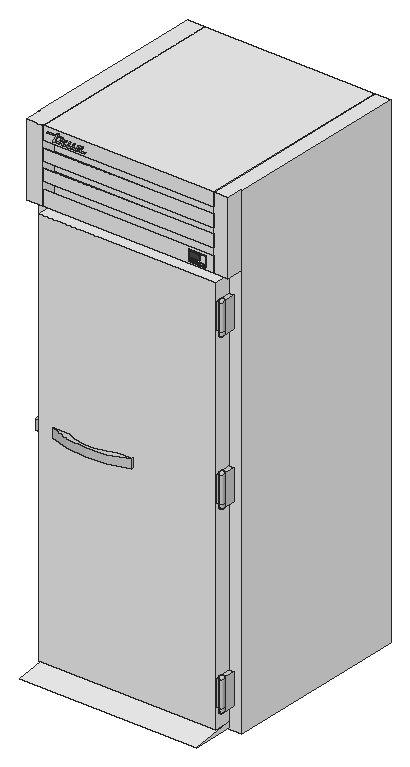
Revit family
Parameters
  Weight in Pounds = 0
  Watts = Volts * FL Amps  # 1380 W
  Volts = 115 V
  URL Cutsheet = "www.truemfg.com"
  URL = "www.truemfg.com"
  Type Mark [instance] = ""
  Type Comments = ""
  Status [instance] = ""
  Specification by User [instance] = ""
  Specification by Manufacturer = ""
  Show Logo [instance] = yes
  Show Clearance [instance] = yes
  Serial Number = ""
  Seismic Rating = ""
  SMACNA No = ""
  Revision Code [instance] = ""
  Phase = 1
  Omniclass Number and Title = ""
  Number of Poles [instance] = 1
  NAFEM Spec ID Number = ""
  Model = "STA1FRI-1S"
  Min Ckt Ampacity = 0 A
  Max Overcurrent Protection = 0 A
  Masterspec = ""
  Manufacturer = "TRUE FOOD SERVICE EQUIPMENT, INC."
  Length = 35"
  Item Number [instance] = ""
  Installed By [instance] = ""
  Identify Quantity as Lot [instance] = yes
  Height = 83 3/4"
  HP = "3/4"
  Furnished By [instance] = ""
  Foodservice Equipment Identifier [instance] = yes
  FL Amps = 12 A
  Electrical Remarks [instance] = ""
  Electric Connection Type [instance] = ""
  Elec Conn RI Height [instance] = 0"
  Elec Conn Connection Height [instance] = 0"
  Description = "Reach-in Solid Swing Door Freezer"
  Depth = 34 3/4"
  Cycle = 60 Hz
  Conn Plug = "5-15P"
  Conn Conduit = yes
  CSI MasterFormat = ""
  CSI Master Format = ""
  Apparent Power = if(Phase = 3, Volts * FL Amps * 1.73, Volts * FL Amps)  # 1380 VA
Reference planes (in)
  plane 1 "BACK": y = 0
  plane 2: z = 0
  plane 3 "LEFT": x = 0
  plane 4 "RIGHT": x = 35
  plane 5 "FRONT": y = -34.75
  plane 6 "TOP": z = 83.75
  plane 7: x = 2.84375
  plane 8: y = -34.7042
  plane 9: x = 32.15625
  plane 10: z = 69.90625
Forms (in)
  Extrusion 1, solid, material "QF_Finishes_Chrome - Satin"
    sketch origin (0.05, 0, 0) x (1, 0, 0) y (0, 1, 0)
      loop
        line (-0.05, 0) -> (-0.05, -32) -> (2.87859, -32) -> (2.87859, 0) -> (-0.05, 0)
    from 0 to 83.75
  Extrusion 2, solid, material "QF_Finishes_Chrome - Satin"
    sketch origin (50.15, 0, 0) x (1, 0, 0) y (0, 1, 0)
      loop
        line (-17.85, 0) -> (-17.85, -32) -> (-15.15, -32) -> (-15.15, 0) -> (-17.85, 0)
    from 0 to 83.75
  Extrusion 3, solid, material "QF_Finishes_Chrome - Satin"
    sketch origin (0, 0, 0) x (0, 1, 0) y (0, 0, 1)
      loop
        line (-34.7042, 71.28125) -> (-32, 71.28125) -> (-32, 0) -> (0, 0) -> (0, 83.75) -> (-34.7042, 83.75) -> (-34.7042, 81.46828) -> (-32.5, 79.90102) -> (-32.5, 78.77875) -> (-34.7042, 80.34601) -> (-34.7042, 78.2123) -> (-32.5, 76.64504) -> (-32.5, 75.68428) -> (-34.7042, 77.25154) -> (-34.7042, 75.15534) -> (-32.5, 73.58807) -> (-32.5, 72.3125) -> (-34.7042, 73.87976) -> (-34.7042, 71.28125)
    from 2.92859 to 32.3
  Extrusion 4, solid, material "QF_Finishes_Chrome - Satin"
    sketch origin (0, 0, 0) x (1, 0, 0) y (0, 1, 0)
      loop
        line (34.84782, -32) -> (32.3, -32) -> (32.3, -34.75) -> (34.84782, -34.75) -> (34.84782, -32)
    from 71.28125 to 83.75
  Extrusion 5, solid, material "QF_Finishes_Chrome - Satin"
    sketch origin (-50.125, 0, 0.25) x (1, 0, 0) y (0, 1, 0)
      loop
        line (53.05359, -32) -> (50.24109, -32) -> (50.24109, -34.75) -> (53.05359, -34.75) -> (53.05359, -32)
    from 71.03125 to 83.5
  Extrusion 6, solid, material "QF_Finishes_Chrome - Satin"
    sketch origin (-24.96875, -1, -0.71875) x (1, 0, 0) y (0, 0, 1)
      loop
        line (27.25, 1.71875) -> (57.65625, 1.71875) -> (57.65625, 70.625) -> (27.25, 70.625) -> (27.25, 1.71875)
    from 31 to 33.75
  Extrusion 7, solid, material "QF_Finishes_Handrails and Railings"
    sketch origin (58.625, -0.25, 25.43519) x (1, 0, 0) y (0, 1, 0)
      loop
        line (-53.875, -34.5) -> (-53.875, -34.7)
        arc (-53.875, -34.7) -> (-47.075, -36.14405) -> (-40.275, -34.7) r 16.7325
        line (-40.275, -34.7) -> (-40.275, -34.5) -> (-42.675, -34.5)
        arc (-42.675, -34.5) -> (-47.075, -35.65816) -> (-51.475, -34.5) r 8.93715
        line (-51.475, -34.5) -> (-53.875, -34.5)
    from 10.87731 to 12.37731
  Extrusion 8, solid, material "QF_Finishes_Handrails and Railings"
    sketch origin (-23.375, 0, -3) x (1, 0, 0) y (0, 0, 1)
      loop
        circle (26.4375, 40.0625) r 0.35
      loop
        line (26.47265, 40.33635) -> (26.41715, 40.33635) -> (26.41715, 39.76895) -> (26.47265, 39.76895) -> (26.47265, 40.33635)
    from 33.5 to 33.83066
  Extrusion 9, solid, material "QF_Finishes_Handrails and Railings", visible <- "Show Logo"
    sketch origin (0.33478, 0.06376, 5.01857) x (1, 0, 0) y (0, 0, 1)
      loop
        line (3.46044, 78.08731) -> (3.35478, 77.86073) -> (4.76027, 77.86073)
        arc (4.76027, 77.86073) -> (4.78879, 77.81028) -> (4.76027, 77.75984) r 0.05887
        line (4.76027, 77.75984) -> (4.39369, 76.97372)
        arc (4.39369, 76.97372) -> (4.39051, 76.90091) -> (4.43975, 76.84717) r 0.09523
        line (4.43975, 76.84717) -> (5.33844, 76.84717)
        arc (5.33844, 76.84717) -> (5.45192, 76.88295) -> (5.52436, 76.97735) r 0.19785
        line (5.52436, 76.97735) -> (5.81285, 77.59601) -> (6.0779, 77.59601)
        arc (6.0779, 77.59601) -> (6.14744, 77.57043) -> (6.13737, 77.49703) r 0.05911
        line (6.13737, 77.49703) -> (5.89598, 76.97937)
        arc (5.89598, 76.97937) -> (5.89974, 76.8934) -> (5.97231, 76.84717) r 0.09318
        line (5.97231, 76.84717) -> (6.76198, 76.84717)
        arc (6.76198, 76.84717) -> (6.82249, 76.86919) -> (6.85468, 76.92495) r 0.09412
        arc (6.85468, 76.92495) -> (6.87746, 76.86995) -> (6.93246, 76.84717) r 0.07778
        line (6.93246, 76.84717) -> (7.43246, 76.84717)
        arc (7.43246, 76.84717) -> (7.49022, 76.86265) -> (7.53251, 76.90493) r 0.11552
        arc (7.53251, 76.90493) -> (7.55275, 76.85606) -> (7.60162, 76.83581) r 0.06912
        line (7.60162, 76.83581) -> (8.31225, 76.83581)
        arc (8.31225, 76.83581) -> (8.37034, 76.85988) -> (8.39441, 76.91797) r 0.08216
        arc (8.39441, 76.91797) -> (8.44767, 76.86472) -> (8.52042, 76.84522) r 0.14551
        line (8.52042, 76.84522) -> (9.85158, 76.84522) -> (9.99946, 77.10134) -> (8.65678, 77.10134)
        arc (8.65678, 77.10134) -> (8.61972, 77.12704) -> (8.61834, 77.17211) r 0.05009
        line (8.61834, 77.17211) -> (8.64157, 77.22192)
        arc (8.64157, 77.22192) -> (8.67723, 77.26864) -> (8.73327, 77.28635) r 0.09747
        line (8.73327, 77.28635) -> (9.16485, 77.28635)
        arc (9.16485, 77.28635) -> (9.258, 77.31131) -> (9.32619, 77.3795) r 0.1863
        line (9.32619, 77.3795) -> (9.45119, 77.59601)
        arc (9.45119, 77.59601) -> (9.45119, 77.71157) -> (9.35111, 77.76934) r 0.11556
        line (9.35111, 77.76934) -> (8.89562, 77.76934)
        arc (8.89562, 77.76934) -> (8.7795, 77.74962) -> (8.69849, 77.66412) r 0.18605
        line (8.69849, 77.66412) -> (8.48204, 77.19993)
        arc (8.48204, 77.19993) -> (8.41815, 77.11667) -> (8.31806, 77.08511) r 0.1745
        line (8.31806, 77.08511) -> (7.84559, 77.08511)
        arc (7.84559, 77.08511) -> (7.78903, 77.14684) -> (7.79268, 77.23048) r 0.10939
        line (7.79268, 77.23048) -> (8.04395, 77.76934) -> (7.88403, 77.76934) -> (7.61781, 77.19844)
        arc (7.61781, 77.19844) -> (7.56609, 77.13103) -> (7.48505, 77.10548) r 0.14128
        line (7.48505, 77.10548) -> (7.15925, 77.10548)
        arc (7.15925, 77.10548) -> (7.10419, 77.17723) -> (7.116, 77.26689) r 0.11816
        line (7.116, 77.26689) -> (7.3503, 77.76934) -> (7.18514, 77.76934) -> (6.91546, 77.191)
        arc (6.91546, 77.191) -> (6.85285, 77.12839) -> (6.76733, 77.10548) r 0.17104
        line (6.76733, 77.10548) -> (6.29555, 77.10548)
        arc (6.29555, 77.10548) -> (6.21082, 77.14499) -> (6.20267, 77.23813) r 0.0935
        line (6.20267, 77.23813) -> (6.35774, 77.57069) -> (6.57695, 77.57069)
        arc (6.57695, 77.57069) -> (6.61395, 77.68217) -> (6.69267, 77.76934) r 0.2857
        line (6.69267, 77.76934) -> (5.83605, 77.76934)
        arc (5.83605, 77.76934) -> (5.74086, 77.74824) -> (5.67498, 77.67635) r 0.16212
        line (5.67498, 77.67635) -> (5.44279, 77.17841)
        arc (5.44279, 77.17841) -> (5.3894, 77.12502) -> (5.31647, 77.10548) r 0.14586
        line (5.31647, 77.10548) -> (4.80506, 77.10548)
        arc (4.80506, 77.10548) -> (4.76514, 77.15942) -> (4.77274, 77.22609) r 0.09155
        line (4.77274, 77.22609) -> (5.11018, 77.86073) -> (5.96155, 77.86073) -> (6.06721, 78.08731) -> (5.21584, 78.08731) -> (5.32149, 78.31388) -> (5.01862, 78.31388) -> (4.91297, 78.08731) -> (3.46044, 78.08731)
      loop
        arc (8.83805, 77.56363) -> (8.80119, 77.55375) -> (8.7742, 77.52676) r 0.07373
        line (8.7742, 77.52676) -> (8.75229, 77.45936)
        arc (8.75229, 77.45936) -> (8.76245, 77.43483) -> (8.78699, 77.42466) r 0.0347
        line (8.78699, 77.42466) -> (9.15948, 77.42466)
        arc (9.15948, 77.42466) -> (9.18632, 77.43061) -> (9.20812, 77.44734) r 0.0635
        line (9.20812, 77.44734) -> (9.22624, 77.53122)
        arc (9.22624, 77.53122) -> (9.22091, 77.55368) -> (9.20009, 77.56363) r 0.02676
        line (9.20009, 77.56363) -> (8.83805, 77.56363)
    from 34.76797 to 34.83173
  Extrusion 10, solid, material "QF_Finishes_White"
    sketch origin (-22.74812, 0.0458, -7.91247) x (1, 0, 0) y (0, 0, 1)
      loop
        line (50.81732, 81.35727) -> (50.81732, 79.60996) -> (53.72357, 79.60996) -> (53.72357, 81.35727) -> (50.81732, 81.35727)
    from 34.75 to 34.76797
  Extrusion 11, solid, material "QF_Finishes_Black"
    sketch origin (-22.74812, 0.0458, -7.91247) x (1, 0, 0) y (0, 0, 1)
      loop
        line (53.78607, 81.41977) -> (50.75482, 81.41977) -> (50.75482, 79.54746) -> (53.78607, 79.54746) -> (53.78607, 81.41977)
      loop
        spline (50.95482, 79.87872) -> (50.96333, 79.86254) -> (50.98831, 79.84747) -> (51.02804, 79.83452) -> (51.07982, 79.82459) -> (51.14011, 79.81835) -> (51.20482, 79.81622) -> (51.26952, 79.81835) -> (51.32982, 79.82459) -> (51.38159, 79.83452) -> (51.42132, 79.84747) -> (51.4463, 79.86254) -> (51.45482, 79.87872)
        spline (51.45482, 79.87872) -> (51.4463, 79.89489) -> (51.42132, 79.90997) -> (51.38159, 79.92291) -> (51.32982, 79.93284) -> (51.26952, 79.93909) -> (51.20482, 79.94122) -> (51.14011, 79.93909) -> (51.07982, 79.93284) -> (51.02804, 79.92291) -> (50.98831, 79.90997) -> (50.96333, 79.89489) -> (50.95482, 79.87872)
      loop
        spline (51.65083, 79.87872) -> (51.65935, 79.86254) -> (51.68432, 79.84747) -> (51.72405, 79.83452) -> (51.77583, 79.82459) -> (51.83612, 79.81835) -> (51.90083, 79.81622) -> (51.96553, 79.81835) -> (52.02583, 79.82459) -> (52.07761, 79.83452) -> (52.11734, 79.84747) -> (52.14231, 79.86254) -> (52.15083, 79.87872)
        spline (52.15083, 79.87872) -> (52.14231, 79.89489) -> (52.11734, 79.90997) -> (52.07761, 79.92291) -> (52.02583, 79.93284) -> (51.96553, 79.93909) -> (51.90083, 79.94122) -> (51.83612, 79.93909) -> (51.77583, 79.93284) -> (51.72405, 79.92291) -> (51.68432, 79.90997) -> (51.65935, 79.89489) -> (51.65083, 79.87872)
      loop
        spline (52.40083, 79.87872) -> (52.40935, 79.86254) -> (52.43432, 79.84747) -> (52.47405, 79.83452) -> (52.52583, 79.82459) -> (52.58612, 79.81835) -> (52.65083, 79.81622) -> (52.71553, 79.81835) -> (52.77583, 79.82459) -> (52.82761, 79.83452) -> (52.86734, 79.84747) -> (52.89231, 79.86254) -> (52.90083, 79.87872)
        spline (52.90083, 79.87872) -> (52.89231, 79.89489) -> (52.86734, 79.90997) -> (52.82761, 79.92291) -> (52.77583, 79.93284) -> (52.71553, 79.93909) -> (52.65083, 79.94122) -> (52.58612, 79.93909) -> (52.52583, 79.93284) -> (52.47405, 79.92291) -> (52.43432, 79.90997) -> (52.40935, 79.89489) -> (52.40083, 79.87872)
      loop
        line (50.95481, 81.21978) -> (50.95481, 80.21978) -> (52.65433, 80.21978) -> (52.65433, 81.21978) -> (50.95481, 81.21978)
      loop
        line (53.72357, 81.35727) -> (50.81732, 81.35727) -> (50.81732, 79.60996) -> (53.72357, 79.60996) -> (53.72357, 81.35727)
      loop
        spline (53.15083, 79.87872) -> (53.15935, 79.86254) -> (53.18432, 79.84747) -> (53.22405, 79.83452) -> (53.27583, 79.82459) -> (53.33612, 79.81835) -> (53.40083, 79.81622) -> (53.46553, 79.81835) -> (53.52583, 79.82459) -> (53.57761, 79.83452) -> (53.61734, 79.84747) -> (53.64231, 79.86254) -> (53.65083, 79.87872)
        spline (53.65083, 79.87872) -> (53.64231, 79.89489) -> (53.61734, 79.90997) -> (53.57761, 79.92291) -> (53.52583, 79.93284) -> (53.46553, 79.93909) -> (53.40083, 79.94122) -> (53.33612, 79.93909) -> (53.27583, 79.93284) -> (53.22405, 79.92291) -> (53.18432, 79.90997) -> (53.15935, 79.89489) -> (53.15083, 79.87872)
    from 34.76797 to 34.80335
  Extrusion 12, solid
    sketch origin (-25.125, 0, 0) x (1, 0, 0) y (0, 0, 1)
      loop
        circle (56.875, 81.625) r 0.25
    from 0 to 0.0625
  Blend 13, solid, material "QF_Finishes_Handrails and Railings"
    base sketch origin (27.53125, -1, -1) x (-1, 0, 0) y (0, 0, -1)
      loop
        line (25.25, -38.99169) -> (26, -38.99169) -> (26, -37.24169) -> (25.25, -37.24169) -> (25.25, -38.99169)
    top sketch origin (27.53125, 0, -1) x (-1, 0, 0) y (0, 0, -1)
      loop
        line (26.18223, -36.6441) -> (25.25, -36.6441) -> (25.25, -39.42643) -> (26.18223, -39.42643) -> (26.18223, -36.6441)
    from 33.57883 to 32
  Extrusion 14, solid, material "QF_Finishes_Handrails and Railings"
    sketch origin (33.78125, 0, 3) x (0, 1, 0) y (0, 0, -1)
      loop
        line (-32, -64.17729) -> (-32, -58.86127) -> (-34.25, -58.86127) -> (-34.25, -59.57348) -> (-33.81497, -59.57348) -> (-33.81497, -63.97276)
        arc (-33.81497, -63.97276) -> (-33.75506, -64.11738) -> (-33.61044, -64.17729) r 0.20453
        line (-33.61044, -64.17729) -> (-32, -64.17729)
    from 0.17506 to 1
  Revolve 15, solid, material "QF_Finishes_Handrails and Railings"
    sketch origin (33.28125, 0, 3) x (0, 1, 0) y (0, 0, -1)
      loop
        line (-34.26563, -59.62689) -> (-34.67229, -59.62689) -> (-34.67229, -64.0986)
        arc (-34.67229, -64.0986) -> (-34.53722, -64.35057) -> (-34.26563, -64.43983) r 0.3848
        line (-34.26563, -64.43983) -> (-34.26563, -59.62689)
      loop
        line (-34.26563, -59.57348) -> (-34.26563, -58.67281)
        arc (-34.26563, -58.67281) -> (-34.53264, -58.75883) -> (-34.67229, -59.00212) r 0.38884
        line (-34.67229, -59.00212) -> (-34.67229, -59.57348) -> (-34.26563, -59.57348)
      axis (-34.26563, -58.67281) -> (-34.26563, -64.43983)
    angle from 0 to 360
  Extrusion 16, solid, material "QF_Finishes_Handrails and Railings"
    sketch origin (27.5, -1.07734, 3.0011) x (-1, 0, 0) y (0, 0, -1)
      loop
        line (-5.58509, -64.0986) -> (-5.1875, -64.0986) -> (-5.1875, -59.62579) -> (-5.58509, -59.62579) -> (-5.58509, -64.0986)
    from 32.81497 to 33.59495
  Extrusion 17, solid, material "QF_Finishes_Handrails and Railings"
    sketch origin (33.78125, 0, -24) x (0, 1, 0) y (0, 0, -1)
      loop
        line (-32, -64.55229) -> (-32, -59.23627) -> (-34.25, -59.23627) -> (-34.25, -59.94848) -> (-33.81497, -59.94848) -> (-33.81497, -64.34776)
        arc (-33.81497, -64.34776) -> (-33.75506, -64.49238) -> (-33.61044, -64.55229) r 0.20453
        line (-33.61044, -64.55229) -> (-32, -64.55229)
    from 0.17506 to 1
  Revolve 18, solid, material "QF_Finishes_Handrails and Railings"
    sketch origin (33.28125, 0, -24) x (0, 1, 0) y (0, 0, -1)
      loop
        line (-34.26563, -60.00189) -> (-34.67229, -60.00189) -> (-34.67229, -64.4736)
        arc (-34.67229, -64.4736) -> (-34.53722, -64.72557) -> (-34.26563, -64.81483) r 0.3848
        line (-34.26563, -64.81483) -> (-34.26563, -60.00189)
      loop
        line (-34.26563, -59.94848) -> (-34.26563, -59.04781)
        arc (-34.26563, -59.04781) -> (-34.53264, -59.13383) -> (-34.67229, -59.37712) r 0.38884
        line (-34.67229, -59.37712) -> (-34.67229, -59.94848) -> (-34.26563, -59.94848)
      axis (-34.26563, -59.04781) -> (-34.26563, -64.81483)
    angle from 0 to 360
  Extrusion 19, solid, material "QF_Finishes_Handrails and Railings"
    sketch origin (27.5, -1.07734, -23.9989) x (-1, 0, 0) y (0, 0, -1)
      loop
        line (-5.58509, -64.4736) -> (-5.1875, -64.4736) -> (-5.1875, -60.00079) -> (-5.58509, -60.00079) -> (-5.58509, -64.4736)
    from 32.81497 to 33.59495
  Extrusion 20, solid, material "QF_Finishes_Handrails and Railings"
    sketch origin (33.78125, 0, -55.5) x (0, 1, 0) y (0, 0, -1)
      loop
        line (-32, -64.55229) -> (-32, -59.23627) -> (-34.25, -59.23627) -> (-34.25, -59.94848) -> (-33.81497, -59.94848) -> (-33.81497, -64.34776)
        arc (-33.81497, -64.34776) -> (-33.75506, -64.49238) -> (-33.61044, -64.55229) r 0.20453
        line (-33.61044, -64.55229) -> (-32, -64.55229)
    from 0.17506 to 1
  Revolve 21, solid, material "QF_Finishes_Handrails and Railings"
    sketch origin (33.28125, 0, -55.5) x (0, 1, 0) y (0, 0, -1)
      loop
        line (-34.26563, -60.00189) -> (-34.67229, -60.00189) -> (-34.67229, -64.4736)
        arc (-34.67229, -64.4736) -> (-34.53722, -64.72557) -> (-34.26563, -64.81483) r 0.3848
        line (-34.26563, -64.81483) -> (-34.26563, -60.00189)
      loop
        line (-34.26563, -59.94848) -> (-34.26563, -59.04781)
        arc (-34.26563, -59.04781) -> (-34.53264, -59.13383) -> (-34.67229, -59.37712) r 0.38884
        line (-34.67229, -59.37712) -> (-34.67229, -59.94848) -> (-34.26563, -59.94848)
      axis (-34.26563, -59.04781) -> (-34.26563, -64.81483)
    angle from 0 to 360
  Extrusion 22, solid, material "QF_Finishes_Handrails and Railings"
    sketch origin (27.5, -1.07734, -55.4989) x (-1, 0, 0) y (0, 0, -1)
      loop
        line (-5.58509, -64.4736) -> (-5.1875, -64.4736) -> (-5.1875, -60.00079) -> (-5.58509, -60.00079) -> (-5.58509, -64.4736)
    from 32.81497 to 33.59495
  Extrusion 23, solid, material "QF_Finishes_Door Clearance", visible <- "Show Clearance", detail levels coarse
    sketch origin (26.42841, -3.6098, 0) x (1, 0, 0) y (0, 1, 0)
      loop
        line (6.25909, -31.1402) -> (-24.14716, -31.1402)
        arc (-24.14716, -31.1402) -> (-15.24138, -52.64067) -> (6.25909, -61.54645) r 30.40625
        line (6.25909, -61.54645) -> (6.25909, -31.1402)
    from 1 to 69.90625
  Extrusion 24, solid, material "QF_Finishes_Chrome - Satin"
    sketch origin (32.6875, -1, 8.03125) x (0, 0, 1) y (0, -1, 0)
      loop
        line (-8.03125, 37.875) -> (-8.03125, 31) -> (-7.03125, 31) -> (-8.03125, 37.875)
    from 0 to -30.40625
Cuts and joins
  joined: Extrusion 1, Extrusion 2, Extrusion 4, Extrusion 5
Lines and regions (in)
  symbolic lines
    curve 1: line (0, 0, 0) -> (35, 0, 0)
    curve 2: line (0, -34.75, 0) -> (0, 0, 0)
    curve 3: line (35, -34.75, 0) -> (0, -34.75, 0)
    curve 4: line (35, 0, 0) -> (35, -34.75, 0)
    curve 5: line (35, -32.5, 0) -> (0, -32.5, 0)
    curve 6: arc (15.95746, -34.75, 0) -> (11.55746, -35.90816, 0) -> (7.15746, -34.75, 0) r 8.93715
    curve 7: arc (4.75746, -34.95, 0) -> (11.55746, -36.39405, 0) -> (18.35746, -34.95, 0) r 16.7325
    curve 8: line (4.75746, -34.75, 0) -> (4.75746, -34.95, 0)
    curve 9: line (18.35746, -34.95, 0) -> (18.35746, -34.75, 0)
  symbolic lines, style "QF-Door Swings", visible <- "Show Clearance", detail levels coarse
    curve 10: line (32.6875, -34.75, 0) -> (32.6875, -65.15625, 0)
    curve 11: arc (32.6875, -65.15625, 0) -> (11.18703, -56.25047, 0) -> (2.28125, -34.75, 0) r 30.40625
Dimensions and locks (in)
  "Depth": plane 5 "FRONT" to plane 1 "BACK"
  plane 6 "TOP" to level = 83 3/4"  (x2)
  Extrusion 6 sketch curve to Extrusion 6 sketch curve = 30 13/32"
  Extrusion 6 to plane 1 "BACK" = 34 3/4"
  "Length": plane 3 "LEFT" to plane 4 "RIGHT"
  plane 4 "RIGHT" to plane 3 "LEFT" = 35"
  plane 10 to level = 69 29/32"
  aligned and locked: level to plane 2
Automatic sketch dimensions
  Extrusion 1 sketch curve to plane 3 "LEFT" = 0"
  plane 1 "BACK" to Extrusion 1 sketch curve = 0"
  Extrusion 1 sketch curve to Extrusion 1 sketch curve = 2.92859"
  Extrusion 1 sketch curve to plane 5 "FRONT" = 2 3/4"
  plane 1 "BACK" to Extrusion 2 sketch curve = 0"
  Extrusion 2 sketch curve to plane 4 "RIGHT" = 0"
  Extrusion 2 sketch curve to plane 5 "FRONT" = 2 3/4"
  plane 5 "FRONT" to Extrusion 4 sketch curve = 0"
  Extrusion 4 sketch curve to plane 4 "RIGHT" = 0.15218"
  Extrusion 4 sketch curve to plane 5 "FRONT" = 2 3/4"
  plane 5 "FRONT" to Extrusion 5 sketch curve = 0"
  plane 3 "LEFT" to Extrusion 5 sketch curve = 0.11609"
  Extrusion 5 sketch curve to Extrusion 5 sketch curve = 2 13/16"
  Extrusion 5 sketch curve to plane 5 "FRONT" = 2 3/4"
  plane 5 "FRONT" to Extrusion 7 sketch curve = 0"  (x2)
  Extrusion 7 sketch curve to Extrusion 7 sketch curve = 2.4"  (x2)
  Extrusion 7 sketch curve to Extrusion 7 sketch curve = 4.4"
  Extrusion 7 sketch curve to Extrusion 7 sketch curve = 0"
  Extrusion 7 sketch curve to Extrusion 7 sketch curve = 0.2"
  Extrusion 7 sketch curve to plane 5 "FRONT" = 7.77899"
  Extrusion 7 sketch curve to Extrusion 7 sketch curve = 7.30945"
  Extrusion 8 sketch curve to Extrusion 8 sketch curve = 0.02035"
  Extrusion 8 sketch curve to Extrusion 8 sketch curve = 0.0555"
  Extrusion 8 sketch curve to Extrusion 8 sketch curve = 0.29355"
  Extrusion 8 sketch curve to Extrusion 8 sketch curve = 0.27385"
  plane 3 "LEFT" to Extrusion 9 sketch curve = 3.68957"
  Extrusion 9 sketch curve to Extrusion 9 sketch curve = 0.10565"  (x5)
  Extrusion 9 sketch curve to Extrusion 9 sketch curve = 1.03891"
  Extrusion 9 sketch curve to Extrusion 9 sketch curve = 0.04606"
  Extrusion 9 sketch curve to Extrusion 9 sketch curve = 0.04025"
  Extrusion 9 sketch curve to Extrusion 9 sketch curve = 0.33624"
  Extrusion 9 sketch curve to Extrusion 9 sketch curve = 0.03034"  (x2)
  Extrusion 9 sketch curve to Extrusion 9 sketch curve = 0.29274"
  Extrusion 9 sketch curve to Extrusion 9 sketch curve = 0.03232"
  Extrusion 9 sketch curve to Extrusion 9 sketch curve = 0.08083"
  Extrusion 9 sketch curve to Extrusion 9 sketch curve = 0.1527"
  Extrusion 9 sketch curve to Extrusion 9 sketch curve = 0.19721"
  Extrusion 9 sketch curve to Extrusion 9 sketch curve = 0.4629"
  Extrusion 9 sketch curve to Extrusion 9 sketch curve = 0.02197"
  Extrusion 9 sketch curve to Extrusion 9 sketch curve = 0.12632"
  Extrusion 9 sketch curve to Extrusion 9 sketch curve = 0.18591"
  Extrusion 9 sketch curve to Extrusion 9 sketch curve = 0.2322"
  Extrusion 9 sketch curve to Extrusion 9 sketch curve = 0.13786"
  Extrusion 9 sketch curve to Extrusion 9 sketch curve = 0.00907"
  Extrusion 9 sketch curve to Extrusion 9 sketch curve = 0.01413"
  Extrusion 9 sketch curve to Extrusion 9 sketch curve = 0.37162"
  Extrusion 9 sketch curve to Extrusion 9 sketch curve = 0.12551"
  Extrusion 9 sketch curve to Extrusion 9 sketch curve = 0.07633"
  Extrusion 9 sketch curve to Extrusion 9 sketch curve = 0.08445"
  Extrusion 9 sketch curve to Extrusion 9 sketch curve = 0.25598"
  Extrusion 9 sketch curve to Extrusion 9 sketch curve = 0.01887"
  Extrusion 9 sketch curve to Extrusion 9 sketch curve = 0.04061"
  Extrusion 9 sketch curve to Extrusion 9 sketch curve = 0.0653"
  Extrusion 9 sketch curve to Extrusion 9 sketch curve = 0.08474"
  Extrusion 9 sketch curve to Extrusion 9 sketch curve = 0.00815"
  Extrusion 9 sketch curve to Extrusion 9 sketch curve = 0.22037"
  Extrusion 9 sketch curve to Extrusion 9 sketch curve = 0.21921"
  Extrusion 9 sketch curve to Extrusion 9 sketch curve = 0.11572"
  Extrusion 9 sketch curve to Extrusion 9 sketch curve = 0.46643"
  Extrusion 9 sketch curve to Extrusion 9 sketch curve = 0.00535"
  Extrusion 9 sketch curve to Extrusion 9 sketch curve = 0.09269"
  Extrusion 9 sketch curve to Extrusion 9 sketch curve = 0.09348"
  Extrusion 9 sketch curve to Extrusion 9 sketch curve = 0.14812"
  Extrusion 9 sketch curve to Extrusion 9 sketch curve = 0.07778"  (x3)
  Extrusion 9 sketch curve to Extrusion 9 sketch curve = 0.20054"
  Extrusion 9 sketch curve to Extrusion 9 sketch curve = 0.04325"
  Extrusion 9 sketch curve to Extrusion 9 sketch curve = 0.32433"
  Extrusion 9 sketch curve to Extrusion 9 sketch curve = 0.10233"  (x2)
  Extrusion 9 sketch curve to Extrusion 9 sketch curve = 0.16515"
  Extrusion 9 sketch curve to Extrusion 9 sketch curve = 0.27321"
  Extrusion 9 sketch curve to Extrusion 9 sketch curve = 0.0526"
  Extrusion 9 sketch curve to Extrusion 9 sketch curve = 0.10005"
  Extrusion 9 sketch curve to Extrusion 9 sketch curve = 0.06912"
  Extrusion 9 sketch curve to Extrusion 9 sketch curve = 0.13276"
  Extrusion 9 sketch curve to Extrusion 9 sketch curve = 0.17486"
  Extrusion 9 sketch curve to Extrusion 9 sketch curve = 0.05291"
  Extrusion 9 sketch curve to Extrusion 9 sketch curve = 0.53374"
  Extrusion 9 sketch curve to Extrusion 9 sketch curve = 0.09914"  (x2)
  Extrusion 9 sketch curve to Extrusion 9 sketch curve = 0.15992"
  Extrusion 9 sketch curve to Extrusion 9 sketch curve = 0.46666"
  Extrusion 9 sketch curve to Extrusion 9 sketch curve = 0.00582"
  Extrusion 9 sketch curve to Extrusion 9 sketch curve = 0.08216"
  Extrusion 9 sketch curve to Extrusion 9 sketch curve = 0.16397"
  Extrusion 9 sketch curve to Extrusion 9 sketch curve = 0.12601"
  Extrusion 9 sketch curve to Extrusion 9 sketch curve = 0.1363"
  Extrusion 9 sketch curve to Extrusion 9 sketch curve = 0.02323"
  Extrusion 9 sketch curve to Extrusion 9 sketch curve = 0.03844"
  Extrusion 9 sketch curve to Extrusion 9 sketch curve = 0.0454"
  Extrusion 9 sketch curve to Extrusion 9 sketch curve = 0.05693"
  Extrusion 9 sketch curve to Extrusion 9 sketch curve = 0.0917"
  Extrusion 9 sketch curve to Extrusion 9 sketch curve = 0.01902"
  Extrusion 9 sketch curve to Extrusion 9 sketch curve = 0.02191"
  Extrusion 9 sketch curve to Extrusion 9 sketch curve = 0.0347"
  Extrusion 9 sketch curve to Extrusion 9 sketch curve = 0.06385"
  Extrusion 9 sketch curve to Extrusion 9 sketch curve = 0.02906"
  Extrusion 9 sketch curve to Extrusion 9 sketch curve = 0.02851"
  Extrusion 9 sketch curve to Extrusion 9 sketch curve = 0.29237"
  Extrusion 9 sketch curve to Extrusion 9 sketch curve = 0.00537"
  Extrusion 9 sketch curve to Extrusion 9 sketch curve = 0.0406"
  Extrusion 9 sketch curve to Extrusion 9 sketch curve = 0.04327"
  Extrusion 9 sketch curve to Extrusion 9 sketch curve = 0.02615"
  Extrusion 9 sketch curve to Extrusion 9 sketch curve = 0.11806"
  Extrusion 9 sketch curve to Extrusion 9 sketch curve = 0.15103"
  Extrusion 9 sketch curve to Extrusion 9 sketch curve = 0.10007"
  Extrusion 9 sketch curve to Extrusion 9 sketch curve = 0.5254"
  Extrusion 9 sketch curve to Extrusion 9 sketch curve = 0.14787"
  Extrusion 9 sketch curve to plane 6 "TOP" = 1.89562"
  Extrusion 9 sketch curve to Extrusion 9 sketch curve = 0.07275"
  Extrusion 9 sketch curve to Extrusion 9 sketch curve = 0.05776"
  Extrusion 9 sketch curve to Extrusion 9 sketch curve = 0.08631"
  Extrusion 9 sketch curve to Extrusion 9 sketch curve = 0.09282"
  Extrusion 9 sketch curve to Extrusion 9 sketch curve = 0.13018"
  Extrusion 9 sketch curve to Extrusion 9 sketch curve = 0.16714"
  Extrusion 9 sketch curve to Extrusion 9 sketch curve = 0.11061"
  Extrusion 9 sketch curve to Extrusion 9 sketch curve = 0.06046"
  Extrusion 9 sketch curve to Extrusion 9 sketch curve = 0.16548"
  Extrusion 9 sketch curve to Extrusion 9 sketch curve = 0.14279"
  Extrusion 9 sketch curve to Extrusion 9 sketch curve = 0.0496"
  Extrusion 9 sketch curve to Extrusion 9 sketch curve = 0.07293"
  Extrusion 9 sketch curve to Extrusion 9 sketch curve = 0.07764"
  Extrusion 9 sketch curve to Extrusion 9 sketch curve = 0.03794"
  Extrusion 9 sketch curve to Extrusion 9 sketch curve = 0.08552"
  Extrusion 9 sketch curve to Extrusion 9 sketch curve = 0.09296"
  Extrusion 9 sketch curve to Extrusion 9 sketch curve = 0.09314"
  Extrusion 9 sketch curve to Extrusion 9 sketch curve = 0.02781"
  Extrusion 9 sketch curve to Extrusion 9 sketch curve = 0.04981"
  Extrusion 9 sketch curve to Extrusion 9 sketch curve = 0.09315"
  Extrusion 9 sketch curve to Extrusion 9 sketch curve = 0.04799"
  Extrusion 9 sketch curve to Extrusion 9 sketch curve = 0.02531"
  Extrusion 9 sketch curve to Extrusion 9 sketch curve = 0.03054"
  Extrusion 9 sketch curve to Extrusion 9 sketch curve = 0.2589"
  Extrusion 9 sketch curve to Extrusion 9 sketch curve = 0.0674"
  Extrusion 9 sketch curve to Extrusion 9 sketch curve = 0.0324"
  Extrusion 9 sketch curve to Extrusion 9 sketch curve = 0.26185"
  Extrusion 9 sketch curve to Extrusion 9 sketch curve = 11/256"
  Extrusion 9 sketch curve to Extrusion 9 sketch curve = 0.07366"
  Extrusion 9 sketch curve to Extrusion 9 sketch curve = 0.02187"
  Extrusion 9 sketch curve to Extrusion 9 sketch curve = 0.06479"
  Extrusion 9 sketch curve to Extrusion 9 sketch curve = 0.01183"
  Extrusion 9 sketch curve to Extrusion 9 sketch curve = 0.05778"
  Extrusion 9 sketch curve to Extrusion 9 sketch curve = 0.53375"
  Extrusion 9 sketch curve to Extrusion 9 sketch curve = 0.23098"
  Extrusion 9 sketch curve to Extrusion 9 sketch curve = 0"
  Extrusion 9 sketch curve to Extrusion 9 sketch curve = 0.05045"
  Extrusion 9 sketch curve to Extrusion 9 sketch curve = 0.09139"
  Extrusion 9 sketch curve to Extrusion 9 sketch curve = 29/128"  (x3)
  Extrusion 12 sketch curve to plane 6 "TOP" = 2 1/8"
  Blend 13 sketch curve to Blend 13 sketch curve = 1 3/4"
  Blend 13 sketch curve to Blend 13 sketch curve = 2.78233"
  Extrusion 14 sketch curve to plane 5 "FRONT" = 1/2"
  Extrusion 14 sketch curve to Extrusion 14 sketch curve = 0.43503"
  Extrusion 14 sketch curve to Extrusion 14 sketch curve = 0.20453"
  Extrusion 14 sketch curve to Extrusion 14 sketch curve = 1.61044"
  Extrusion 14 sketch curve to plane 6 "TOP" = 16.57271"
  Extrusion 14 sketch curve to Extrusion 14 sketch curve = 4.39928"
  Extrusion 14 sketch curve to Extrusion 14 sketch curve = 0.71221"
  Revolve 15 sketch curve to plane 5 "FRONT" = 0.07771"  (x2)
  Revolve 15 sketch curve to Revolve 15 sketch curve = 0.38242"
  Revolve 15 sketch curve to Revolve 15 sketch curve = 0.38436"
  Revolve 15 sketch curve to plane 5 "FRONT" = 31/64"
  Revolve 15 sketch curve to Revolve 15 sketch curve = 0.40666"
  Revolve 15 sketch curve to Revolve 15 sketch curve = 0"
  Revolve 15 sketch curve to plane 6 "TOP" = 15.75492"
  Revolve 15 sketch curve to Revolve 15 sketch curve = 0.55526"
  Revolve 15 sketch curve to Revolve 15 sketch curve = 0.19474"
  Revolve 15 sketch curve to Revolve 15 sketch curve = 0.14649"
  Revolve 15 sketch curve to Revolve 15 sketch curve = 4.42889"
  Revolve 15 sketch curve to Revolve 15 sketch curve = 0.05342"
  Revolve 15 sketch curve to Revolve 15 sketch curve = 0.51246"
  Revolve 15 sketch curve to Revolve 15 sketch curve = 0.05889"
  Extrusion 16 sketch curve to Extrusion 16 sketch curve = 0.39759"
  Extrusion 16 sketch curve to plane 6 "TOP" = 16.6503"
  Extrusion 16 sketch curve to Extrusion 16 sketch curve = 4.47281"
  Extrusion 17 sketch curve to plane 5 "FRONT" = 1/2"
  Extrusion 17 sketch curve to Extrusion 17 sketch curve = 0.43503"
  Extrusion 17 sketch curve to Extrusion 17 sketch curve = 0.20453"
  Extrusion 17 sketch curve to Extrusion 17 sketch curve = 1.61044"
  Extrusion 17 sketch curve to Extrusion 17 sketch curve = 4.39928"
  Extrusion 17 sketch curve to Extrusion 17 sketch curve = 0.71221"
  Revolve 18 sketch curve to plane 5 "FRONT" = 0.07771"  (x2)
  Revolve 18 sketch curve to Revolve 18 sketch curve = 0.38242"
  Revolve 18 sketch curve to Revolve 18 sketch curve = 0.38436"
  Revolve 18 sketch curve to plane 5 "FRONT" = 31/64"
  Revolve 18 sketch curve to Revolve 18 sketch curve = 0.40666"
  Revolve 18 sketch curve to Revolve 18 sketch curve = 0"
  Revolve 18 sketch curve to Revolve 18 sketch curve = 0.55526"
  Revolve 18 sketch curve to Revolve 18 sketch curve = 0.19474"
  Revolve 18 sketch curve to Revolve 18 sketch curve = 0.14649"
  Revolve 18 sketch curve to Revolve 18 sketch curve = 4.42889"
  Revolve 18 sketch curve to Revolve 18 sketch curve = 0.05342"
  Revolve 18 sketch curve to Revolve 18 sketch curve = 0.51246"
  Revolve 18 sketch curve to Revolve 18 sketch curve = 0.05889"
  Extrusion 19 sketch curve to Extrusion 19 sketch curve = 0.39759"
  Extrusion 19 sketch curve to Extrusion 19 sketch curve = 4.47281"
  Extrusion 20 sketch curve to plane 5 "FRONT" = 1/2"
  Extrusion 20 sketch curve to Extrusion 20 sketch curve = 0.43503"
  Extrusion 20 sketch curve to Extrusion 20 sketch curve = 0.20453"
  Extrusion 20 sketch curve to Extrusion 20 sketch curve = 1.61044"
  Extrusion 20 sketch curve to Extrusion 20 sketch curve = 0.71221"
  Revolve 21 sketch curve to plane 5 "FRONT" = 0.07771"  (x2)
  Revolve 21 sketch curve to Revolve 21 sketch curve = 0.38242"
  Revolve 21 sketch curve to Revolve 21 sketch curve = 0.38436"
  Revolve 21 sketch curve to plane 5 "FRONT" = 31/64"
  Revolve 21 sketch curve to Revolve 21 sketch curve = 0.40666"
  Revolve 21 sketch curve to Revolve 21 sketch curve = 0"
  Revolve 21 sketch curve to Revolve 21 sketch curve = 0.55526"
  Revolve 21 sketch curve to Revolve 21 sketch curve = 0.19474"
  Revolve 21 sketch curve to Revolve 21 sketch curve = 0.14649"
  Revolve 21 sketch curve to Revolve 21 sketch curve = 0.05342"
  Revolve 21 sketch curve to Revolve 21 sketch curve = 0.51246"
  Revolve 21 sketch curve to Revolve 21 sketch curve = 0.05889"
  Extrusion 22 sketch curve to Extrusion 22 sketch curve = 0.39759"
  Extrusion 3 sketch curve to plane 8 = 0"  (x4)
  Extrusion 3 sketch curve to plane 6 "TOP" = 0"
  plane 8 to Extrusion 3 sketch curve = 2.2042"  (x2)
  Extrusion 3 sketch curve to Extrusion 3 sketch curve = 0"
  Extrusion 3 sketch curve to Extrusion 3 sketch curve = 1/2"
  plane 1 "BACK" to Extrusion 3 sketch curve = 0"
  Extrusion 3 sketch curve to plane 6 "TOP" = 2.28172"
  Extrusion 3 sketch curve to Extrusion 3 sketch curve = 1.12227"  (x2)
  Extrusion 3 sketch curve to Extrusion 3 sketch curve = 0.445"
  Extrusion 3 sketch curve to Extrusion 3 sketch curve = 2.13371"  (x2)
  Extrusion 3 sketch curve to Extrusion 3 sketch curve = 0.96076"  (x2)
  Extrusion 3 sketch curve to Extrusion 3 sketch curve = 2.0962"  (x2)
  Extrusion 3 sketch curve to Extrusion 3 sketch curve = 1.27557"  (x2)
  Extrusion 3 sketch curve to Extrusion 3 sketch curve = 1 1/32"
  Blend 13 sketch curve to Blend 13 sketch curve = 3/4"
  Blend 13 sketch curve to Blend 13 sketch curve = 0.93223"
  Extrusion 2 sketch curve to plane 4 "RIGHT" = 2.7"
  Extrusion 4 sketch curve to Extrusion 4 sketch curve = 2.54782"
  plane 7 to Extrusion 7 sketch curve = 1 29/32"
  plane 7 to Extrusion 8 sketch curve = 0.1984"
  Extrusion 12 sketch curve to plane 4 "RIGHT" = 3 1/4"
  Blend 13 sketch curve to plane 7 = 9/16"
  plane 7 to Blend 13 sketch curve = 9/16"
  Extrusion 16 sketch curve to plane 4 "RIGHT" = 1.91491"
  Extrusion 19 sketch curve to plane 4 "RIGHT" = 1.91491"
  Extrusion 22 sketch curve to plane 4 "RIGHT" = 1.91491"
  Extrusion 11 sketch curve to Extrusion 11 sketch curve = 1/4"  (x4)
  Extrusion 11 sketch curve to Extrusion 11 sketch curve = 0.4965"
  Extrusion 11 sketch curve to Extrusion 11 sketch curve = 0.0035"
  Extrusion 11 sketch curve to Extrusion 11 sketch curve = 1/2"
  Extrusion 11 sketch curve to Extrusion 11 sketch curve = 0.44601"
  Extrusion 11 sketch curve to Extrusion 11 sketch curve = 0"  (x3)
  Extrusion 11 sketch curve to Extrusion 11 sketch curve = 0.1375"  (x2)
  Extrusion 11 sketch curve to Extrusion 11 sketch curve = 1/16"  (x4)
  Extrusion 11 sketch curve to plane 6 "TOP" = 12.11501"
  Extrusion 11 sketch curve to Extrusion 11 sketch curve = 0.26876"  (x2)
  Extrusion 11 sketch curve to Extrusion 11 sketch curve = 0.34106"
  Extrusion 11 sketch curve to plane 6 "TOP" = 10.44269"
  Extrusion 10 sketch curve to plane 6 "TOP" = 10.30519"
  Extrusion 10 sketch curve to Extrusion 10 sketch curve = 1.74732"
  Extrusion 10 sketch curve to plane 4 "RIGHT" = 6.9308"
  Extrusion 10 sketch curve to Extrusion 10 sketch curve = 2 29/32"
  Extrusion 11 sketch curve to plane 4 "RIGHT" = 6.9933"
  Extrusion 11 sketch curve to Extrusion 11 sketch curve = 1.06923"
  Extrusion 6 sketch curve to plane 7 = 9/16"
  Extrusion 6 sketch curve to plane 6 "TOP" = 13 27/32"
  plane 1 "BACK" to curve 1 = 0"
  curve 1 to plane 3 "LEFT" = 0"
  plane 5 "FRONT" to curve 11 = 0"
  curve 3 to plane 4 "RIGHT" = 0"
  curve 11 to plane 7 = 9/16"
  plane 7 to curve 8 = 1.91371"
  curve 8 to curve 6 = 2.4"
  curve 7 to curve 6 = 0"
  curve 6 to curve 9 = 2.4"
  curve 11 to plane 4 "RIGHT" = 2 5/16"
  curve 9 to curve 9 = 0.2"
  curve 5 to plane 5 "FRONT" = 2 1/4"
  curve 6 to curve 7 = 7.30945"
  level to Extrusion 3 sketch curve = 0"
  level to Extrusion 6 sketch curve = 1"
  level to Extrusion 8 sketch curve = 36.76895"
  level to Blend 13 sketch curve = 37.99169"
  Blend 13 sketch curve to level = 35.6441"
  level to Extrusion 17 sketch curve = 40.55229"
  level to Revolve 18 sketch curve = 41.37008"
  level to Extrusion 19 sketch curve = 40.4747"
  level to Extrusion 20 sketch curve = 9.05229"
  Extrusion 20 sketch curve to Extrusion 20 sketch curve = 4.39928"
  level to Revolve 21 sketch curve = 9.87008"
  Revolve 21 sketch curve to Revolve 21 sketch curve = 4.42889"
  level to Extrusion 22 sketch curve = 8.9747"
  Extrusion 22 sketch curve to Extrusion 22 sketch curve = 4.47281"
  Extrusion 24 sketch curve to Extrusion 6 = 0"
  Extrusion 6 to Extrusion 24 sketch curve = 0"
  Extrusion 24 sketch curve to Extrusion 24 sketch curve = 1"
  Extrusion 24 sketch curve to Extrusion 6 = 4 1/8"
  Extrusion 23 sketch curve to plane 7 = 9/16"
  Extrusion 23 sketch curve to plane 9 = 17/32"
  plane 5 "FRONT" to Extrusion 23 sketch curve = 0"
  plane 7 to curve 7 = 8.71371"
  curve 6 to plane 5 "FRONT" = 7.77899"
  radius of Extrusion 8 sketch curve = 0.35"
  radius of Extrusion 12 sketch curve = 1/4"
Connectors (in)
  electrical at (31.75, -0.0625, 81.625), driven by "Volts", driven by "Watts"
    settings: on Extrusion 12, index 1, voltage 115 V, apparent load 1380 VA, apparent load phase1 0 VA, apparent load phase2 0 VA, apparent load phase3 0 VA, power factor 1, load classification "Other", number of poles 1, system type 30, power factor state 1, is connector primary yes, connector utility no, sub classification motor no, connector description "Electrical Connection"
